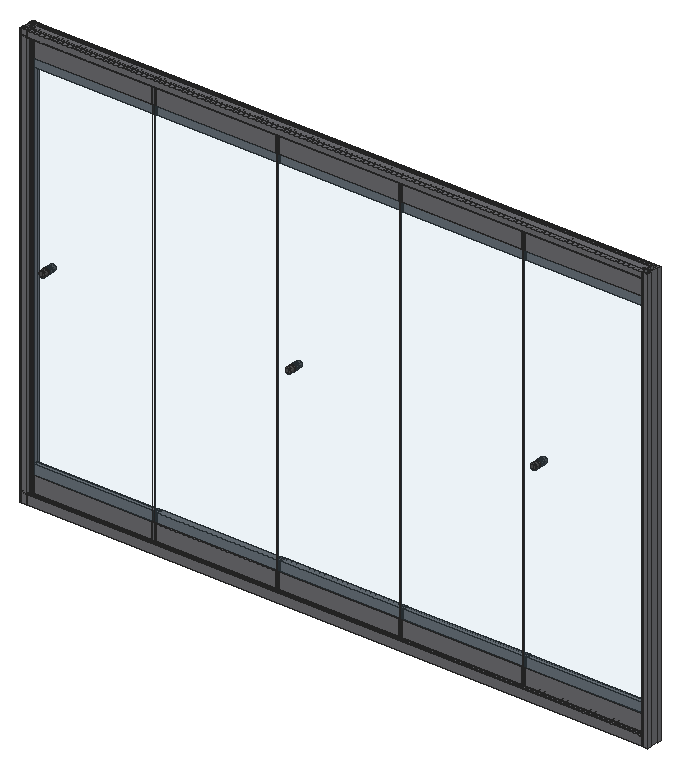
Revit family "QFL5 RH", category Doors, host Wall, Revit 2024
Family settings
  Host = Wall
  OmniClass Number = 23.30.10.00
  OmniClass Title = Doors
  Always vertical = Yes
  Cut with Voids When Loaded = No
  Shared = No
  Room Calculation Point = No
Parameters
  Function = Interior
  Frame Projection Ext. = 25 mm
  Frame Projection Int. = 25 mm
  Frame Width = 75 mm
  Height = 2098 mm
  Wall Closure = By host
  Width = 3100 mm
  Define Thermal Properties by = Schematic Type
  Analytic Construction = "<None>"
Reference planes
  plane 1: y = 0
  plane 2 "Center (Left/Right)": x = 0
  plane 3 "Left": x = -1550
  plane 4 "Right": x = 1550
  plane 5: z = 2098
  plane 6 "Exterior": y = 75
  plane 7 "Interior": y = -75
Forms (mm)
  Extrusion 1, solid, material "ALUMINIUM CHAR (TEST)"
    sketch origin (-0.37, 0, 0) x (1, 0, 0) y (0, 1, 0)
      loop
        line (1550.37, 37.5) -> (1520.37, 37.5) -> (1520.37, 34.4) -> (1521.37, 34.4) -> (1521.37, 35.9) -> (1522.87, 35.9) -> (1522.87, 28.3) -> (1521.37, 28.3) -> (1521.37, 29.8) -> (1520.37, 29.8) -> (1520.37, 1.2) -> (1521.37, 1.2) -> (1521.37, 2.7) -> (1522.87, 2.7) -> (1522.87, -4.9) -> (1521.37, -4.9) -> (1521.37, -3.4) -> (1520.37, -3.4) -> (1520.37, -13.1) -> (1516.37, -13.1) -> (1516.37, -11)
        arc (1516.37, -11) -> (1516.224, -10.646) -> (1515.87, -10.5) r 0.5
        line (1515.87, -10.5) -> (1513.12, -10.5) -> (1513.12, -11.5) -> (1514.72, -11.5) -> (1514.72, -13.1) -> (1507.02, -13.1) -> (1507.02, -11.5) -> (1508.62, -11.5) -> (1508.62, -10.5) -> (1505.87, -10.5)
        arc (1505.87, -10.5) -> (1505.517, -10.646) -> (1505.37, -11) r 0.5
        line (1505.37, -11) -> (1505.37, -14.4)
        arc (1505.37, -14.4) -> (1505.517, -14.754) -> (1505.87, -14.9) r 0.5
        line (1505.87, -14.9) -> (1520.37, -14.9) -> (1520.37, -37.5) -> (1550.37, -37.5) -> (1550.37, -22) -> (1548.87, -22) -> (1548.87, -24.5) -> (1545.87, -24.5) -> (1545.87, 24.5) -> (1548.87, 24.5) -> (1548.87, 22) -> (1550.37, 22) -> (1550.37, 37.5)
      loop
        line (1548.37, 26.3) -> (1548.37, 35.5) -> (1524.67, 35.5) -> (1524.67, 27.7)
        arc (1524.67, 27.7) -> (1524.377, 26.993) -> (1523.67, 26.7) r 1
        line (1523.67, 26.7) -> (1522.37, 26.7) -> (1522.37, 4.3) -> (1523.67, 4.3)
        arc (1523.67, 4.3) -> (1524.377, 4.007) -> (1524.67, 3.3) r 1
        line (1524.67, 3.3) -> (1524.67, -5.5)
        arc (1524.67, -5.5) -> (1524.377, -6.207) -> (1523.67, -6.5) r 1
        line (1523.67, -6.5) -> (1522.17, -6.5) -> (1522.17, -35.5) -> (1548.37, -35.5) -> (1548.37, -26.3) -> (1545.47, -26.3)
        arc (1545.47, -26.3) -> (1544.48, -25.89) -> (1544.07, -24.9) r 1.4
        line (1544.07, -24.9) -> (1544.07, 24.9)
        arc (1544.07, 24.9) -> (1544.48, 25.89) -> (1545.47, 26.3) r 1.4
        line (1545.47, 26.3) -> (1548.37, 26.3)
      loop
        line (-1549.63, 37.5) -> (-1549.63, 22) -> (-1548.13, 22) -> (-1548.13, 24.5) -> (-1545.13, 24.5) -> (-1545.13, -24.5) -> (-1548.13, -24.5) -> (-1548.13, -22) -> (-1549.63, -22) -> (-1549.63, -37.5) -> (-1519.63, -37.5) -> (-1519.63, -14.9) -> (-1505.13, -14.9)
        arc (-1505.13, -14.9) -> (-1504.776, -14.754) -> (-1504.63, -14.4) r 0.5
        line (-1504.63, -14.4) -> (-1504.63, -11)
        arc (-1504.63, -11) -> (-1504.776, -10.646) -> (-1505.13, -10.5) r 0.5
        line (-1505.13, -10.5) -> (-1507.88, -10.5) -> (-1507.88, -11.5) -> (-1506.28, -11.5) -> (-1506.28, -13.1) -> (-1513.98, -13.1) -> (-1513.98, -11.5) -> (-1512.38, -11.5) -> (-1512.38, -10.5) -> (-1515.13, -10.5)
        arc (-1515.13, -10.5) -> (-1515.483, -10.646) -> (-1515.63, -11) r 0.5
        line (-1515.63, -11) -> (-1515.63, -13.1) -> (-1519.63, -13.1) -> (-1519.63, -3.4) -> (-1520.63, -3.4) -> (-1520.63, -4.9) -> (-1522.13, -4.9) -> (-1522.13, 2.7) -> (-1520.63, 2.7) -> (-1520.63, 1.2) -> (-1519.63, 1.2) -> (-1519.63, 29.8) -> (-1520.63, 29.8) -> (-1520.63, 28.3) -> (-1522.13, 28.3) -> (-1522.13, 35.9) -> (-1520.63, 35.9) -> (-1520.63, 34.4) -> (-1519.63, 34.4) -> (-1519.63, 37.5) -> (-1549.63, 37.5)
      loop
        line (-1547.63, 26.3) -> (-1544.73, 26.3)
        arc (-1544.73, 26.3) -> (-1543.74, 25.89) -> (-1543.33, 24.9) r 1.4
        line (-1543.33, 24.9) -> (-1543.33, -24.9)
        arc (-1543.33, -24.9) -> (-1543.74, -25.89) -> (-1544.73, -26.3) r 1.4
        line (-1544.73, -26.3) -> (-1547.63, -26.3) -> (-1547.63, -35.5) -> (-1521.43, -35.5) -> (-1521.43, -6.5) -> (-1522.93, -6.5)
        arc (-1522.93, -6.5) -> (-1523.637, -6.207) -> (-1523.93, -5.5) r 1
        line (-1523.93, -5.5) -> (-1523.93, 3.3)
        arc (-1523.93, 3.3) -> (-1523.637, 4.007) -> (-1522.93, 4.3) r 1
        line (-1522.93, 4.3) -> (-1521.63, 4.3) -> (-1521.63, 26.7) -> (-1522.93, 26.7)
        arc (-1522.93, 26.7) -> (-1523.637, 26.993) -> (-1523.93, 27.7) r 1
        line (-1523.93, 27.7) -> (-1523.93, 35.5) -> (-1547.63, 35.5) -> (-1547.63, 26.3)
    from 0 to 2098
  Extrusion 2, solid, material "ALUMINIUM CHAR (TEST)"
    sketch origin (-943.37, 0, 0) x (0, -1, 0) y (0, 0, 1)
      loop
        line (-36.55, 18) -> (-36.55, 20.5) -> (-37.5, 20.5) -> (-37.5, 0) -> (-35.5, 0) -> (-35.5, 2) -> (-13.5, 2) -> (-13.5, 0) -> (-11.5, 0) -> (-11.5, 2) -> (10.5, 2) -> (10.5, 0) -> (12.5, 0) -> (12.5, 2) -> (35.5, 2) -> (35.5, 0) -> (37.5, 0) -> (37.5, 44.5)
        arc (37.5, 44.5) -> (37.354, 44.854) -> (37, 45) r 0.5
        line (37, 45) -> (32.199, 45) -> (31.492, 44.5) -> (26.524, 44.5) -> (25.817, 45) -> (22.199, 45) -> (21.492, 44.5) -> (16.524, 44.5) -> (15.817, 44.999) -> (11.001, 44.999)
        arc (11.001, 44.999) -> (10.648, 44.853) -> (10.502, 44.501) r 0.499
        line (10.502, 44.501) -> (10.502, 41.75) -> (11.5, 41.75) -> (11.5, 43.35) -> (13.1, 43.35) -> (13.1, 35.65) -> (11.5, 35.65) -> (11.5, 37.25) -> (10.5, 37.25) -> (10.5, 11.9)
        arc (10.5, 11.9) -> (10.061, 10.839) -> (9, 10.4) r 1.5
        line (9, 10.4) -> (3, 10.4)
        arc (3, 10.4) -> (1.939, 10.839) -> (1.5, 11.9) r 1.5
        line (1.5, 11.9) -> (1.5, 20)
        arc (1.5, 20) -> (0.851, 21.475) -> (-0.674, 21.992) r 2
        line (-0.674, 21.992) -> (-9.95, 20.504) -> (-9.95, 18) -> (-36.55, 18)
      loop
        line (10.5, 4.2) -> (10.5, 8.4) -> (3, 8.4)
        arc (3, 8.4) -> (0.525, 9.425) -> (-0.5, 11.9) r 3.5
        line (-0.5, 11.9) -> (-0.5, 20.057) -> (-7.95, 18.629) -> (-7.95, 16) -> (-35.5, 16) -> (-35.5, 4.2) -> (10.5, 4.2)
      loop
        line (12.5, 4.2) -> (35.5, 4.2) -> (35.5, 43) -> (15.1, 43) -> (15.1, 34) -> (12.5, 34) -> (12.5, 4.2)
      loop
        arc (-37.5, 2069) -> (-37.207, 2068.293) -> (-36.5, 2068) r 1
        line (-36.5, 2068) -> (-34.25, 2068) -> (-34.25, 2069) -> (-35.85, 2069) -> (-35.85, 2070.6) -> (-28.15, 2070.6) -> (-28.15, 2069) -> (-29.75, 2069) -> (-29.75, 2068) -> (-25.9, 2068)
        arc (-25.9, 2068) -> (-24.486, 2068.586) -> (-23.9, 2070) r 2
        line (-23.9, 2070) -> (-23.9, 2091.2)
        arc (-23.9, 2091.2) -> (-23.754, 2091.554) -> (-23.4, 2091.7) r 0.5
        line (-23.4, 2091.7) -> (-6.85, 2091.7) -> (-6.85, 2070)
        arc (-6.85, 2070) -> (-6.264, 2068.586) -> (-4.85, 2068) r 2
        line (-4.85, 2068) -> (13.1, 2068) -> (13.1, 2064) -> (11, 2064)
        arc (11, 2064) -> (10.646, 2063.854) -> (10.5, 2063.5) r 0.5
        line (10.5, 2063.5) -> (10.5, 2060.75) -> (11.5, 2060.75) -> (11.5, 2062.35) -> (13.1, 2062.35) -> (13.1, 2054.65) -> (11.5, 2054.65) -> (11.5, 2056.25) -> (10.5, 2056.25) -> (10.5, 2053.5)
        arc (10.5, 2053.5) -> (10.646, 2053.146) -> (11, 2053) r 0.5
        line (11, 2053) -> (14.4, 2053)
        arc (14.4, 2053) -> (14.754, 2053.146) -> (14.9, 2053.5) r 0.5
        line (14.9, 2053.5) -> (14.9, 2068) -> (36.5, 2068)
        arc (36.5, 2068) -> (37.207, 2068.293) -> (37.5, 2069) r 1
        line (37.5, 2069) -> (37.5, 2098) -> (22, 2098) -> (22, 2096.5) -> (24.5, 2096.5) -> (24.5, 2093.5) -> (-24.5, 2093.5) -> (-24.5, 2096.5) -> (-22, 2096.5) -> (-22, 2098) -> (-25.4, 2098)
        arc (-25.4, 2098) -> (-26.107, 2097.707) -> (-26.4, 2097) r 1
        line (-26.4, 2097) -> (-26.4, 2085.5)
        arc (-26.4, 2085.5) -> (-26.546, 2085.146) -> (-26.9, 2085) r 0.5
        line (-26.9, 2085) -> (-35, 2085)
        arc (-35, 2085) -> (-35.354, 2085.146) -> (-35.5, 2085.5) r 0.5
        line (-35.5, 2085.5) -> (-35.5, 2095.5)
        arc (-35.5, 2095.5) -> (-35.354, 2095.854) -> (-35, 2096) r 0.5
        line (-35, 2096) -> (-33.5, 2096) -> (-33.5, 2098) -> (-36.5, 2098)
        arc (-36.5, 2098) -> (-37.207, 2097.707) -> (-37.5, 2097) r 1
        line (-37.5, 2097) -> (-37.5, 2069)
      loop
        line (35.5, 2070) -> (35.5, 2096) -> (26.3, 2096) -> (26.3, 2093.1)
        arc (26.3, 2093.1) -> (25.89, 2092.11) -> (24.9, 2091.7) r 1.4
        line (24.9, 2091.7) -> (-4.85, 2091.7) -> (-4.85, 2070.5)
        arc (-4.85, 2070.5) -> (-4.704, 2070.146) -> (-4.35, 2070) r 0.5
        line (-4.35, 2070) -> (35.5, 2070)
      loop
        line (-26.4, 2072.2) -> (-26.4, 2082.5)
        arc (-26.4, 2082.5) -> (-26.546, 2082.854) -> (-26.9, 2083) r 0.5
        line (-26.9, 2083) -> (-35, 2083)
        arc (-35, 2083) -> (-35.354, 2082.854) -> (-35.5, 2082.5) r 0.5
        line (-35.5, 2082.5) -> (-35.5, 2072.2) -> (-26.4, 2072.2)
    from -2463.37 to 606.63
  Extrusion 3, solid, material "ALUMINIUM CHAR (TEST)"
    sketch origin (-313.5, 0, 0) x (0, -1, 0) y (0, 0, 1)
      loop
        line (10.504, 2059) -> (8.704, 2059) -> (8.704, 2057) -> (5.604, 2057) -> (5.604, 2055.4) -> (8.754, 2055.4) -> (8.754, 2043.033) -> (8.2, 2041.985) -> (8.2, 2039) -> (-31.196, 2039) -> (-31.196, 2041.92) -> (-31.705, 2042.883) -> (-31.705, 2055.4) -> (-28.596, 2055.4) -> (-28.596, 2057) -> (-31.696, 2057) -> (-31.696, 2059) -> (-33.496, 2059) -> (-33.496, 1934) -> (-23.496, 1924) -> (2.504, 1924) -> (2.504, 1969) -> (10.504, 1969) -> (10.504, 2059)
      loop
        line (8.714, 1971) -> (8.714, 2037.2) -> (-31.705, 2037.2) -> (-31.705, 1935.038) -> (-22.467, 1925.8) -> (0.504, 1925.8) -> (0.504, 1971) -> (8.714, 1971)
      loop
        line (10.504, 31) -> (10.504, 121) -> (2.504, 121) -> (2.504, 166) -> (-23.496, 166) -> (-33.496, 156) -> (-33.496, 31) -> (-31.696, 31) -> (-31.696, 33) -> (-28.596, 33) -> (-28.596, 34.6) -> (-31.705, 34.6) -> (-31.705, 47.117) -> (-31.196, 48.08) -> (-31.196, 51) -> (8.2, 51) -> (8.2, 48.015) -> (8.754, 46.967) -> (8.754, 34.6) -> (5.604, 34.6) -> (5.604, 33) -> (8.704, 33) -> (8.704, 31) -> (10.504, 31)
      loop
        line (8.714, 119) -> (0.504, 119) -> (0.504, 164.2) -> (-22.467, 164.2) -> (-31.705, 154.962) -> (-31.705, 52.8) -> (8.714, 52.8) -> (8.714, 119)
    from -1 to 589
  Extrusion 4, solid, material "Glass"
    sketch origin (-947.5, 0, 0) x (0, -1, 0) y (0, 0, 1)
      loop
        line (2.504, 121) -> (10.504, 121) -> (10.504, 1969) -> (2.504, 1969) -> (2.504, 121)
    from -640 to -40
  Extrusion 5, solid, material "ALUMINIUM CHAR (TEST)"
    sketch origin (-312.5, 0, 0) x (0, -1, 0) y (0, 0, -1)
      loop
        line (-33.496, -156) -> (-23.496, -166) -> (2.504, -166) -> (2.504, -121) -> (10.504, -121) -> (10.504, -31) -> (5.604, -31) -> (5.604, -51) -> (-28.596, -51) -> (-28.596, -31) -> (-33.496, -31) -> (-33.496, -156)
      loop
        line (-33.496, -2059) -> (-28.596, -2059) -> (-28.596, -2039) -> (5.604, -2039) -> (5.604, -2059) -> (10.504, -2059) -> (10.504, -1969) -> (2.504, -1969) -> (2.504, -1924) -> (-23.496, -1924) -> (-33.496, -1934) -> (-33.496, -2059)
    from 0 to 5
  Extrusion 6, solid, material "ALUMINIUM CHAR (TEST)"
    sketch origin (-902.5, 0, 0) x (0, -1, 0) y (0, 0, 1)
      loop
        line (-33.496, 156) -> (-33.496, 31) -> (-28.596, 31) -> (-28.596, 51) -> (5.604, 51) -> (5.604, 31) -> (10.504, 31) -> (10.504, 121) -> (2.504, 121) -> (2.504, 166) -> (-23.496, 166) -> (-33.496, 156)
      loop
        line (-33.496, 2059) -> (-33.496, 1934) -> (-23.496, 1924) -> (2.504, 1924) -> (2.504, 1969) -> (10.504, 1969) -> (10.504, 2059) -> (5.604, 2059) -> (5.604, 2039) -> (-28.596, 2039) -> (-28.596, 2059) -> (-33.496, 2059)
    from 0 to 5
  Extrusion 7, solid, material "ALUMINIUM CHAR (TEST)"
    sketch origin (294, 0, 0) x (0, -1, 0) y (0, 0, 1)
      loop
        line (10.504, 2059) -> (8.704, 2059) -> (8.704, 2057) -> (5.604, 2057) -> (5.604, 2055.4) -> (8.754, 2055.4) -> (8.754, 2043.033) -> (8.2, 2041.985) -> (8.2, 2039) -> (-31.196, 2039) -> (-31.196, 2041.92) -> (-31.705, 2042.883) -> (-31.705, 2055.4) -> (-28.596, 2055.4) -> (-28.596, 2057) -> (-31.696, 2057) -> (-31.696, 2059) -> (-33.496, 2059) -> (-33.496, 1934) -> (-23.496, 1924) -> (2.504, 1924) -> (2.504, 1969) -> (10.504, 1969) -> (10.504, 2059)
      loop
        line (8.714, 1971) -> (8.714, 2037.2) -> (-31.705, 2037.2) -> (-31.705, 1935.038) -> (-22.467, 1925.8) -> (0.504, 1925.8) -> (0.504, 1971) -> (8.714, 1971)
      loop
        line (10.504, 31) -> (10.504, 121) -> (2.504, 121) -> (2.504, 166) -> (-23.496, 166) -> (-33.496, 156) -> (-33.496, 31) -> (-31.696, 31) -> (-31.696, 33) -> (-28.596, 33) -> (-28.596, 34.6) -> (-31.705, 34.6) -> (-31.705, 47.117) -> (-31.196, 48.08) -> (-31.196, 51) -> (8.2, 51) -> (8.2, 48.015) -> (8.754, 46.967) -> (8.754, 34.6) -> (5.604, 34.6) -> (5.604, 33) -> (8.704, 33) -> (8.704, 31) -> (10.504, 31)
      loop
        line (8.714, 119) -> (0.504, 119) -> (0.504, 164.2) -> (-22.467, 164.2) -> (-31.705, 154.962) -> (-31.705, 52.8) -> (8.714, 52.8) -> (8.714, 119)
    from -1 to 589
  Extrusion 8, solid, material "Glass"
    sketch origin (-340, 0, 0) x (0, -1, 0) y (0, 0, 1)
      loop
        line (2.504, 121) -> (10.504, 121) -> (10.504, 1969) -> (2.504, 1969) -> (2.504, 121)
    from -640 to -40
  Extrusion 9, solid, material "ALUMINIUM CHAR (TEST)"
    sketch origin (295, 0, 0) x (0, -1, 0) y (0, 0, -1)
      loop
        line (-33.496, -156) -> (-23.496, -166) -> (2.504, -166) -> (2.504, -121) -> (10.504, -121) -> (10.504, -31) -> (5.604, -31) -> (5.604, -51) -> (-28.596, -51) -> (-28.596, -31) -> (-33.496, -31) -> (-33.496, -156)
      loop
        line (-33.496, -2059) -> (-28.596, -2059) -> (-28.596, -2039) -> (5.604, -2039) -> (5.604, -2059) -> (10.504, -2059) -> (10.504, -1969) -> (2.504, -1969) -> (2.504, -1924) -> (-23.496, -1924) -> (-33.496, -1934) -> (-33.496, -2059)
    from 0 to 5
  Extrusion 10, solid, material "ALUMINIUM CHAR (TEST)"
    sketch origin (-295, 0, 0) x (0, -1, 0) y (0, 0, 1)
      loop
        line (-33.496, 156) -> (-33.496, 31) -> (-28.596, 31) -> (-28.596, 51) -> (5.604, 51) -> (5.604, 31) -> (10.504, 31) -> (10.504, 121) -> (2.504, 121) -> (2.504, 166) -> (-23.496, 166) -> (-33.496, 156)
      loop
        line (-33.496, 2059) -> (-33.496, 1934) -> (-23.496, 1924) -> (2.504, 1924) -> (2.504, 1969) -> (10.504, 1969) -> (10.504, 2059) -> (5.604, 2059) -> (5.604, 2039) -> (-28.596, 2039) -> (-28.596, 2059) -> (-33.496, 2059)
    from 0 to 5
  Extrusion 11, solid, material "ALUMINIUM CHAR (TEST)"
    sketch origin (901.5, 0, 0) x (0, -1, 0) y (0, 0, 1)
      loop
        line (10.504, 2059) -> (8.704, 2059) -> (8.704, 2057) -> (5.604, 2057) -> (5.604, 2055.4) -> (8.754, 2055.4) -> (8.754, 2043.033) -> (8.2, 2041.985) -> (8.2, 2039) -> (-31.196, 2039) -> (-31.196, 2041.92) -> (-31.705, 2042.883) -> (-31.705, 2055.4) -> (-28.596, 2055.4) -> (-28.596, 2057) -> (-31.696, 2057) -> (-31.696, 2059) -> (-33.496, 2059) -> (-33.496, 1934) -> (-23.496, 1924) -> (2.504, 1924) -> (2.504, 1969) -> (10.504, 1969) -> (10.504, 2059)
      loop
        line (8.714, 1971) -> (8.714, 2037.2) -> (-31.705, 2037.2) -> (-31.705, 1935.038) -> (-22.467, 1925.8) -> (0.504, 1925.8) -> (0.504, 1971) -> (8.714, 1971)
      loop
        line (10.504, 31) -> (10.504, 121) -> (2.504, 121) -> (2.504, 166) -> (-23.496, 166) -> (-33.496, 156) -> (-33.496, 31) -> (-31.696, 31) -> (-31.696, 33) -> (-28.596, 33) -> (-28.596, 34.6) -> (-31.705, 34.6) -> (-31.705, 47.117) -> (-31.196, 48.08) -> (-31.196, 51) -> (8.2, 51) -> (8.2, 48.015) -> (8.754, 46.967) -> (8.754, 34.6) -> (5.604, 34.6) -> (5.604, 33) -> (8.704, 33) -> (8.704, 31) -> (10.504, 31)
      loop
        line (8.714, 119) -> (0.504, 119) -> (0.504, 164.2) -> (-22.467, 164.2) -> (-31.705, 154.962) -> (-31.705, 52.8) -> (8.714, 52.8) -> (8.714, 119)
    from -1 to 589
  Extrusion 12, solid, material "Glass"
    sketch origin (267.5, 0, 0) x (0, -1, 0) y (0, 0, 1)
      loop
        line (2.504, 121) -> (10.504, 121) -> (10.504, 1969) -> (2.504, 1969) -> (2.504, 121)
    from -640 to -40
  Extrusion 13, solid, material "ALUMINIUM CHAR (TEST)"
    sketch origin (902.5, 0, 0) x (0, -1, 0) y (0, 0, -1)
      loop
        line (-33.496, -156) -> (-23.496, -166) -> (2.504, -166) -> (2.504, -121) -> (10.504, -121) -> (10.504, -31) -> (5.604, -31) -> (5.604, -51) -> (-28.596, -51) -> (-28.596, -31) -> (-33.496, -31) -> (-33.496, -156)
      loop
        line (-33.496, -2059) -> (-28.596, -2059) -> (-28.596, -2039) -> (5.604, -2039) -> (5.604, -2059) -> (10.504, -2059) -> (10.504, -1969) -> (2.504, -1969) -> (2.504, -1924) -> (-23.496, -1924) -> (-33.496, -1934) -> (-33.496, -2059)
    from 0 to 5
  Extrusion 14, solid, material "ALUMINIUM CHAR (TEST)"
    sketch origin (312.5, 0, 0) x (0, -1, 0) y (0, 0, 1)
      loop
        line (-33.496, 156) -> (-33.496, 31) -> (-28.596, 31) -> (-28.596, 51) -> (5.604, 51) -> (5.604, 31) -> (10.504, 31) -> (10.504, 121) -> (2.504, 121) -> (2.504, 166) -> (-23.496, 166) -> (-33.496, 156)
      loop
        line (-33.496, 2059) -> (-33.496, 1934) -> (-23.496, 1924) -> (2.504, 1924) -> (2.504, 1969) -> (10.504, 1969) -> (10.504, 2059) -> (5.604, 2059) -> (5.604, 2039) -> (-28.596, 2039) -> (-28.596, 2059) -> (-33.496, 2059)
    from 0 to 5
  Extrusion 15, solid, material "ALUMINIUM CHAR (TEST)"
    sketch origin (1509, 0, 0) x (0, -1, 0) y (0, 0, 1)
      loop
        line (10.504, 2059) -> (8.704, 2059) -> (8.704, 2057) -> (5.604, 2057) -> (5.604, 2055.4) -> (8.754, 2055.4) -> (8.754, 2043.033) -> (8.2, 2041.985) -> (8.2, 2039) -> (-31.196, 2039) -> (-31.196, 2041.92) -> (-31.705, 2042.883) -> (-31.705, 2055.4) -> (-28.596, 2055.4) -> (-28.596, 2057) -> (-31.696, 2057) -> (-31.696, 2059) -> (-33.496, 2059) -> (-33.496, 1934) -> (-23.496, 1924) -> (2.504, 1924) -> (2.504, 1969) -> (10.504, 1969) -> (10.504, 2059)
      loop
        line (8.714, 1971) -> (8.714, 2037.2) -> (-31.705, 2037.2) -> (-31.705, 1935.038) -> (-22.467, 1925.8) -> (0.504, 1925.8) -> (0.504, 1971) -> (8.714, 1971)
      loop
        line (10.504, 31) -> (10.504, 121) -> (2.504, 121) -> (2.504, 166) -> (-23.496, 166) -> (-33.496, 156) -> (-33.496, 31) -> (-31.696, 31) -> (-31.696, 33) -> (-28.596, 33) -> (-28.596, 34.6) -> (-31.705, 34.6) -> (-31.705, 47.117) -> (-31.196, 48.08) -> (-31.196, 51) -> (8.2, 51) -> (8.2, 48.015) -> (8.754, 46.967) -> (8.754, 34.6) -> (5.604, 34.6) -> (5.604, 33) -> (8.704, 33) -> (8.704, 31) -> (10.504, 31)
      loop
        line (8.714, 119) -> (0.504, 119) -> (0.504, 164.2) -> (-22.467, 164.2) -> (-31.705, 154.962) -> (-31.705, 52.8) -> (8.714, 52.8) -> (8.714, 119)
    from -1 to 589
  Extrusion 16, solid, material "Glass"
    sketch origin (875, 0, 0) x (0, -1, 0) y (0, 0, 1)
      loop
        line (2.504, 121) -> (10.504, 121) -> (10.504, 1969) -> (2.504, 1969) -> (2.504, 121)
    from -640 to -40
  Extrusion 17, solid, material "ALUMINIUM CHAR (TEST)"
    sketch origin (1510, 0, 0) x (0, -1, 0) y (0, 0, -1)
      loop
        line (-33.496, -156) -> (-23.496, -166) -> (2.504, -166) -> (2.504, -121) -> (10.504, -121) -> (10.504, -31) -> (5.604, -31) -> (5.604, -51) -> (-28.596, -51) -> (-28.596, -31) -> (-33.496, -31) -> (-33.496, -156)
      loop
        line (-33.496, -2059) -> (-28.596, -2059) -> (-28.596, -2039) -> (5.604, -2039) -> (5.604, -2059) -> (10.504, -2059) -> (10.504, -1969) -> (2.504, -1969) -> (2.504, -1924) -> (-23.496, -1924) -> (-33.496, -1934) -> (-33.496, -2059)
    from 0 to 5
  Extrusion 18, solid, material "ALUMINIUM CHAR (TEST)"
    sketch origin (920, 0, 0) x (0, -1, 0) y (0, 0, 1)
      loop
        line (-33.496, 156) -> (-33.496, 31) -> (-28.596, 31) -> (-28.596, 51) -> (5.604, 51) -> (5.604, 31) -> (10.504, 31) -> (10.504, 121) -> (2.504, 121) -> (2.504, 166) -> (-23.496, 166) -> (-33.496, 156)
      loop
        line (-33.496, 2059) -> (-33.496, 1934) -> (-23.496, 1924) -> (2.504, 1924) -> (2.504, 1969) -> (10.504, 1969) -> (10.504, 2059) -> (5.604, 2059) -> (5.604, 2039) -> (-28.596, 2039) -> (-28.596, 2059) -> (-33.496, 2059)
    from 0 to 5
  Extrusion 19, solid, material "ALUMINIUM CHAR (TEST)"
    sketch origin (-921, 0, 0) x (0, -1, 0) y (0, 0, 1)
      loop
        line (10.504, 2059) -> (8.704, 2059) -> (8.704, 2057) -> (5.604, 2057) -> (5.604, 2055.4) -> (8.754, 2055.4) -> (8.754, 2043.033) -> (8.2, 2041.985) -> (8.2, 2039) -> (-31.196, 2039) -> (-31.196, 2041.92) -> (-31.705, 2042.883) -> (-31.705, 2055.4) -> (-28.596, 2055.4) -> (-28.596, 2057) -> (-31.696, 2057) -> (-31.696, 2059) -> (-33.496, 2059) -> (-33.496, 1934) -> (-23.496, 1924) -> (2.504, 1924) -> (2.504, 1969) -> (10.504, 1969) -> (10.504, 2059)
      loop
        line (8.714, 1971) -> (8.714, 2037.2) -> (-31.705, 2037.2) -> (-31.705, 1935.038) -> (-22.467, 1925.8) -> (0.504, 1925.8) -> (0.504, 1971) -> (8.714, 1971)
      loop
        line (10.504, 31) -> (10.504, 121) -> (2.504, 121) -> (2.504, 166) -> (-23.496, 166) -> (-33.496, 156) -> (-33.496, 31) -> (-31.696, 31) -> (-31.696, 33) -> (-28.596, 33) -> (-28.596, 34.6) -> (-31.705, 34.6) -> (-31.705, 47.117) -> (-31.196, 48.08) -> (-31.196, 51) -> (8.2, 51) -> (8.2, 48.015) -> (8.754, 46.967) -> (8.754, 34.6) -> (5.604, 34.6) -> (5.604, 33) -> (8.704, 33) -> (8.704, 31) -> (10.504, 31)
      loop
        line (8.714, 119) -> (0.504, 119) -> (0.504, 164.2) -> (-22.467, 164.2) -> (-31.705, 154.962) -> (-31.705, 52.8) -> (8.714, 52.8) -> (8.714, 119)
    from -1 to 589
  Extrusion 20, solid, material "Glass"
    sketch origin (-1555, 0, 0) x (0, -1, 0) y (0, 0, 1)
      loop
        line (2.504, 121) -> (10.504, 121) -> (10.504, 1969) -> (2.504, 1969) -> (2.504, 121)
    from -640 to -40
  Extrusion 21, solid, material "ALUMINIUM CHAR (TEST)"
    sketch origin (-920, 0, 0) x (0, -1, 0) y (0, 0, -1)
      loop
        line (-33.496, -156) -> (-23.496, -166) -> (2.504, -166) -> (2.504, -121) -> (10.504, -121) -> (10.504, -31) -> (5.604, -31) -> (5.604, -51) -> (-28.596, -51) -> (-28.596, -31) -> (-33.496, -31) -> (-33.496, -156)
      loop
        line (-33.496, -2059) -> (-28.596, -2059) -> (-28.596, -2039) -> (5.604, -2039) -> (5.604, -2059) -> (10.504, -2059) -> (10.504, -1969) -> (2.504, -1969) -> (2.504, -1924) -> (-23.496, -1924) -> (-33.496, -1934) -> (-33.496, -2059)
    from 0 to 5
  Extrusion 22, solid, material "ALUMINIUM CHAR (TEST)"
    sketch origin (-1510, 0, 0) x (0, -1, 0) y (0, 0, 1)
      loop
        line (-33.496, 156) -> (-33.496, 31) -> (-28.596, 31) -> (-28.596, 51) -> (5.604, 51) -> (5.604, 31) -> (10.504, 31) -> (10.504, 121) -> (2.504, 121) -> (2.504, 166) -> (-23.496, 166) -> (-33.496, 156)
      loop
        line (-33.496, 2059) -> (-33.496, 1934) -> (-23.496, 1924) -> (2.504, 1924) -> (2.504, 1969) -> (10.504, 1969) -> (10.504, 2059) -> (5.604, 2059) -> (5.604, 2039) -> (-28.596, 2039) -> (-28.596, 2059) -> (-33.496, 2059)
    from 0 to 5
  Revolve 23, solid, material "Metal, Powder Coated, Black"
    sketch origin (-1440, 140.744, 18.323) x (0, -1, 0) y (0, 0, -1)
      loop
        line (151.249, -1029.677) -> (151.249, -1044.677) -> (154.249, -1044.677) -> (159.249, -1039.677) -> (164.249, -1044.677) -> (180.249, -1044.677) -> (181.249, -1043.677) -> (181.249, -1029.677) -> (151.249, -1029.677)
      axis (181.249, -1029.677) -> (151.249, -1029.677)
    angle from 0 to 360
  Revolve 24, solid, material "Metal, Powder Coated, Black"
    sketch origin (-225, 140.744, 18.323) x (0, -1, 0) y (0, 0, -1)
      loop
        line (151.249, -1029.677) -> (151.249, -1044.677) -> (154.249, -1044.677) -> (159.249, -1039.677) -> (164.249, -1044.677) -> (180.249, -1044.677) -> (181.249, -1043.677) -> (181.249, -1029.677) -> (151.249, -1029.677)
      axis (181.249, -1029.677) -> (151.249, -1029.677)
    angle from 0 to 360
  Revolve 25, solid, material "Metal, Powder Coated, Black"
    sketch origin (985, 140.744, 18.323) x (0, -1, 0) y (0, 0, -1)
      loop
        line (151.249, -1029.677) -> (151.249, -1044.677) -> (154.249, -1044.677) -> (159.249, -1039.677) -> (164.249, -1044.677) -> (180.249, -1044.677) -> (181.249, -1043.677) -> (181.249, -1029.677) -> (151.249, -1029.677)
      axis (181.249, -1029.677) -> (151.249, -1029.677)
    angle from 0 to 360
  Revolve 26, solid, material "Metal, Powder Coated, Black"
    sketch origin (-1440, -153.753, 311.459) x (0, 1, 0) y (0, 0, 1)
      loop
        line (151.249, 736.677) -> (181.249, 736.677) -> (181.249, 750.677) -> (180.249, 751.677) -> (164.249, 751.677) -> (159.249, 746.677) -> (154.249, 751.677) -> (151.249, 751.677) -> (151.249, 736.677)
      axis (181.249, 736.677) -> (151.249, 736.677)
    angle from 0 to 360
  Revolve 27, solid, material "Metal, Powder Coated, Black"
    sketch origin (-225, -153.753, 311.459) x (0, 1, 0) y (0, 0, 1)
      loop
        line (151.249, 736.677) -> (181.249, 736.677) -> (181.249, 750.677) -> (180.249, 751.677) -> (164.249, 751.677) -> (159.249, 746.677) -> (154.249, 751.677) -> (151.249, 751.677) -> (151.249, 736.677)
      axis (181.249, 736.677) -> (151.249, 736.677)
    angle from 0 to 360
  Revolve 28, solid, material "Metal, Powder Coated, Black"
    sketch origin (985, -153.753, 311.459) x (0, 1, 0) y (0, 0, 1)
      loop
        line (151.249, 736.677) -> (181.249, 736.677) -> (181.249, 750.677) -> (180.249, 751.677) -> (164.249, 751.677) -> (159.249, 746.677) -> (154.249, 751.677) -> (151.249, 751.677) -> (151.249, 736.677)
      axis (181.249, 736.677) -> (151.249, 736.677)
    angle from 0 to 360
Lines and regions (mm)
  Opening 1
    outline origin (-3050, -75, 0) x (1, 0, 0) y (0, 0, 1)
      loop
        line (1500, 0) -> (4600, 0) -> (4600, 2098) -> (1500, 2098) -> (1500, 0)
  model lines
    curve 1: line (-779.198, 75, 1049) -> (-604.198, 75, 1049)
    curve 2: line (-465.121, 75, 1049) -> (-604.198, 75, 1105.191)
    curve 3: line (-604.198, 75, 1105.191) -> (-604.198, 75, 992.809)
    curve 4: line (-465.121, 75, 1049) -> (-604.198, 75, 992.809)
    curve 5: line (-174.198, 75, 1049) -> (0.802, 75, 1049)
    curve 6: line (139.879, 75, 1049) -> (0.802, 75, 1105.191)
    curve 7: line (0.802, 75, 1105.191) -> (0.802, 75, 992.809)
    curve 8: line (139.879, 75, 1049) -> (0.802, 75, 992.809)
    curve 9: line (1025.802, 75, 1049) -> (1200.802, 75, 1049)
    curve 10: line (1339.879, 75, 1049) -> (1200.802, 75, 1105.191)
    curve 11: line (1200.802, 75, 1105.191) -> (1200.802, 75, 992.809)
    curve 12: line (1339.879, 75, 1049) -> (1200.802, 75, 992.809)
    curve 13: line (433.302, 75, 1049) -> (608.302, 75, 1049)
    curve 14: line (747.379, 75, 1049) -> (608.302, 75, 1105.191)
    curve 15: line (608.302, 75, 1105.191) -> (608.302, 75, 992.809)
    curve 16: line (747.379, 75, 1049) -> (608.302, 75, 992.809)
    curve 17: line (-1386.698, 75, 1049) -> (-1211.698, 75, 1049)
    curve 18: line (-1072.621, 75, 1049) -> (-1211.698, 75, 1105.191)
    curve 19: line (-1211.698, 75, 1105.191) -> (-1211.698, 75, 992.809)
    curve 20: line (-1072.621, 75, 1049) -> (-1211.698, 75, 992.809)
    curve 21: line (1525.39, 59.5, 0) -> (1253.105, 531.111, 0)
    curve 22: line (1487.285, 37.5, 0) -> (1215, 509.111, 0)
    curve 23: line (1215, 509.111, 0) -> (942.715, 37.5, 0)
    curve 24: line (1176.895, 531.111, 0) -> (904.61, 59.5, 0)
    curve 25: line (1215, 509.111, 0) -> (1253.105, 531.111, 0)
    curve 26: line (1215, 509.111, 0) -> (1176.895, 531.111, 0)
    curve 27: line (1487.285, 37.5, 0) -> (1525.39, 59.5, 0)
    curve 28: line (942.715, 37.5, 0) -> (904.61, 59.5, 0)
    curve 29: line (594.22, 509.111, 0) -> (866.505, 37.5, 0)
    curve 30: line (632.326, 531.111, 0) -> (904.61, 59.5, 0)
    curve 31: line (594.22, 509.111, 0) -> (632.326, 531.111, 0)
    curve 32: line (866.505, 37.5, 0) -> (904.61, 59.5, 0)
    curve 33: line (-26.559, 509.111, 0) -> (245.726, 37.5, 0)
    curve 34: line (11.546, 531.111, 0) -> (283.831, 59.5, 0)
    curve 35: line (-26.559, 509.111, 0) -> (11.546, 531.111, 0)
    curve 36: line (245.726, 37.5, 0) -> (283.831, 59.5, 0)
    curve 37: line (594.22, 509.111, 0) -> (321.936, 37.5, 0)
    curve 38: line (556.115, 531.111, 0) -> (283.831, 59.5, 0)
    curve 39: line (594.22, 509.111, 0) -> (556.115, 531.111, 0)
    curve 40: line (321.936, 37.5, 0) -> (283.831, 59.5, 0)
Text (mm)
  text "Exterior" at (-2295.016, 1099.543, 0), in view "Ref. Level"
  text "Exterior" at (0, 1615.38, 3698.081), in view "Left"
  text "Exterior" at (0, 1036.032, 3874.932), in view "Right"
Dimensions and locks
  equal spacing: plane 3 "Left", plane 2 "Center (Left/Right)", plane 4 "Right"
  "Width": plane 3 "Left" to plane 4 "Right"
  "Height": plane 5 to host wall
  host wall to plane 5 = 2098 mm  (x2)
  locked: plane 6 "Exterior" to host wall
  locked: plane 7 "Interior" to host wall
  plane 3 "Left" to plane 4 "Right" = 3100 mm
  aligned and locked: plane 3 "Left" to Opening 1 sketch curve
  aligned and locked: plane 5 to Opening 1 sketch curve  (x2)
  aligned and locked: Opening 1 sketch curve to plane 4 "Right"
  aligned and locked: Opening 1 sketch curve to level
  aligned and locked: plane 1 to host wall
Automatic sketch dimensions
  curve 19 to plane 3 "Left" = 338.302 mm
  curve 17 to curve 18 = 139.078 mm
  curve 18 to curve 3 = 468.422 mm
  curve 1 to curve 2 = 139.078 mm
  plane 2 "Center (Left/Right)" to curve 7 = 0.802 mm
  curve 5 to curve 8 = 139.078 mm
  curve 6 to curve 16 = 468.422 mm
  curve 13 to curve 14 = 139.078 mm
  plane 4 "Right" to curve 12 = 349.198 mm
  curve 9 to curve 12 = 139.078 mm
  level to curve 20 = 992.809 mm
  level to curve 16 = 992.809 mm
  curve 12 to curve 15 = 0 mm
  curve 3 to curve 19 = 0 mm
  curve 8 to curve 3 = 0 mm
  curve 7 to curve 6 = 56.191 mm
  curve 19 to curve 18 = 56.191 mm
  curve 3 to curve 4 = 56.191 mm
  curve 11 to curve 10 = 56.191 mm
  curve 15 to curve 14 = 56.191 mm
  curve 15 to curve 15 = 112.382 mm
  curve 11 to curve 10 = 112.382 mm
  curve 7 to curve 7 = 112.382 mm
  curve 19 to curve 18 = 112.382 mm
  curve 3 to curve 3 = 112.382 mm
  curve 17 to plane 3 "Left" = 163.302 mm
  curve 1 to curve 1 = 175 mm
  curve 5 to plane 2 "Center (Left/Right)" = 174.198 mm
  curve 13 to curve 13 = 175 mm
  curve 9 to curve 9 = 175 mm
  curve 17 to curve 18 = 56.191 mm
  curve 5 to curve 6 = 56.191 mm
  curve 11 to curve 9 = 56.191 mm
  curve 1 to curve 2 = 56.191 mm
  curve 13 to curve 14 = 56.191 mm
  Extrusion 1 sketch curve to plane 3 "Left" = 0 mm  (x2)
  Extrusion 1 sketch curve to plane 4 "Right" = 0 mm  (x2)
  Extrusion 1 sketch curve to plane 3 "Left" = 1.5 mm
  Extrusion 1 sketch curve to Extrusion 1 sketch curve = 1.5 mm  (x14)
  Extrusion 1 sketch curve to Extrusion 1 sketch curve = 0.5 mm  (x9)
  Extrusion 1 sketch curve to plane 3 "Left" = 2 mm
  Extrusion 1 sketch curve to Extrusion 1 sketch curve = 3 mm
  Extrusion 1 sketch curve to Extrusion 1 sketch curve = 0.4 mm  (x7)
  Extrusion 1 sketch curve to Extrusion 1 sketch curve = 1.4 mm  (x3)
  Extrusion 1 sketch curve to Extrusion 1 sketch curve = 19.4 mm
  Extrusion 1 sketch curve to host wall = 3.3 mm
  Extrusion 1 sketch curve to Extrusion 1 sketch curve = 0 mm  (x3)
  Extrusion 1 sketch curve to Extrusion 1 sketch curve = 1 mm  (x13)
  Extrusion 1 sketch curve to Extrusion 1 sketch curve = 0.8 mm  (x3)
  Extrusion 1 sketch curve to Extrusion 1 sketch curve = 1.3 mm  (x4)
  Extrusion 1 sketch curve to Extrusion 1 sketch curve = 21.9 mm
  Extrusion 1 sketch curve to Extrusion 1 sketch curve = 1.8 mm  (x6)
  Extrusion 1 sketch curve to Extrusion 1 sketch curve = 4 mm  (x2)
  Extrusion 1 sketch curve to Extrusion 1 sketch curve = 1.15 mm  (x5)
  Extrusion 1 sketch curve to Extrusion 1 sketch curve = 1.6 mm  (x10)
  Extrusion 1 sketch curve to Extrusion 1 sketch curve = 4.5 mm  (x3)
  host wall to Extrusion 1 sketch curve = 14.4 mm
  plane 4 "Right" to Extrusion 1 sketch curve = 45 mm
  Extrusion 1 sketch curve to Extrusion 1 sketch curve = 1.65 mm
  plane 4 "Right" to Extrusion 1 sketch curve = 30 mm
  Extrusion 1 sketch curve to host wall = 1.2 mm  (x2)
  plane 4 "Right" to Extrusion 1 sketch curve = 6.3 mm
  plane 4 "Right" to Extrusion 1 sketch curve = 2 mm  (x2)
  plane 4 "Right" to Extrusion 1 sketch curve = 1.5 mm  (x2)
  host wall to Extrusion 1 sketch curve = 22 mm  (x2)
  Extrusion 1 sketch curve to Extrusion 1 sketch curve = 2.5 mm  (x4)
  Extrusion 1 sketch curve to Extrusion 1 sketch curve = 9.2 mm  (x2)
  Extrusion 1 sketch curve to Extrusion 1 sketch curve = 20.6 mm
  Extrusion 1 sketch curve to Extrusion 1 sketch curve = 2 mm  (x4)
  host wall to Extrusion 1 sketch curve = 14.9 mm
  host wall to Extrusion 1 sketch curve = 6.5 mm  (x2)
  Extrusion 1 sketch curve to Extrusion 1 sketch curve = 0.6 mm  (x4)
  Extrusion 1 sketch curve to host wall = 22 mm  (x2)
  Extrusion 1 sketch curve to Extrusion 1 sketch curve = 4.6 mm  (x2)
  Extrusion 1 sketch curve to Extrusion 1 sketch curve = 1.1 mm
  Extrusion 2 sketch curve to Extrusion 2 sketch curve = 0 mm  (x12)
  Extrusion 2 sketch curve to level = 0 mm  (x4)
  plane 5 to Extrusion 2 sketch curve = 0 mm  (x3)
  Extrusion 2 sketch curve to host wall = 37.5 mm  (x2)
  plane 5 to Extrusion 2 sketch curve = 29 mm
  Extrusion 2 sketch curve to Extrusion 2 sketch curve = 0.95 mm
  Extrusion 2 sketch curve to Extrusion 2 sketch curve = 1 mm  (x12)
  Extrusion 2 sketch curve to Extrusion 2 sketch curve = 0.65 mm
  Extrusion 2 sketch curve to Extrusion 2 sketch curve = 0.35 mm  (x2)
  Extrusion 2 sketch curve to Extrusion 2 sketch curve = 1.05 mm
  Extrusion 2 sketch curve to Extrusion 2 sketch curve = 2 mm  (x9)
  Extrusion 2 sketch curve to Extrusion 2 sketch curve = 0.5 mm  (x13)
  Extrusion 2 sketch curve to Extrusion 2 sketch curve = 1.6 mm  (x9)
  Extrusion 2 sketch curve to Extrusion 2 sketch curve = 1.5 mm  (x8)
  Extrusion 2 sketch curve to Extrusion 2 sketch curve = 4.5 mm  (x3)
  Extrusion 2 sketch curve to Extrusion 2 sketch curve = 8.1 mm  (x2)
  Extrusion 2 sketch curve to Extrusion 2 sketch curve = 0.9 mm
  Extrusion 2 sketch curve to Extrusion 2 sketch curve = 0.6 mm
  Extrusion 2 sketch curve to Extrusion 2 sketch curve = 2.5 mm  (x3)
  level to Extrusion 2 sketch curve = 2 mm  (x3)
  Extrusion 2 sketch curve to host wall = 13.5 mm
  Extrusion 2 sketch curve to host wall = 9.95 mm
  Extrusion 2 sketch curve to host wall = 6.85 mm
  Extrusion 2 sketch curve to host wall = 0.674 mm
  Extrusion 2 sketch curve to host wall = 0.5 mm
  host wall to Extrusion 2 sketch curve = 1.5 mm
  Extrusion 2 sketch curve to Extrusion 2 sketch curve = 6 mm
  host wall to Extrusion 2 sketch curve = 10.5 mm  (x2)
  Extrusion 2 sketch curve to Extrusion 2 sketch curve = 0.002 mm
  Extrusion 2 sketch curve to Extrusion 2 sketch curve = 0.499 mm
  Extrusion 2 sketch curve to Extrusion 2 sketch curve = 0.998 mm
  Extrusion 2 sketch curve to Extrusion 2 sketch curve = 1.3 mm
  Extrusion 2 sketch curve to Extrusion 2 sketch curve = 0.717 mm
  Extrusion 2 sketch curve to Extrusion 2 sketch curve = 0.707 mm  (x4)
  Extrusion 2 sketch curve to Extrusion 2 sketch curve = 4.968 mm  (x2)
  plane 5 to Extrusion 2 sketch curve = 1.5 mm
  host wall to Extrusion 2 sketch curve = 22 mm
  Extrusion 2 sketch curve to Extrusion 2 sketch curve = 0.4 mm  (x2)
  Extrusion 2 sketch curve to Extrusion 2 sketch curve = 3.617 mm
  Extrusion 2 sketch curve to Extrusion 2 sketch curve = 1.4 mm
  Extrusion 2 sketch curve to Extrusion 2 sketch curve = 23 mm
  Extrusion 2 sketch curve to Extrusion 2 sketch curve = 20.6 mm
  Extrusion 2 sketch curve to Extrusion 2 sketch curve = 3.301 mm
  Extrusion 2 sketch curve to Extrusion 2 sketch curve = 2.2 mm  (x2)
  level to Extrusion 2 sketch curve = 8.4 mm
  Extrusion 2 sketch curve to Extrusion 2 sketch curve = 4.1 mm
  Extrusion 2 sketch curve to Extrusion 2 sketch curve = 0.629 mm
  Extrusion 2 sketch curve to Extrusion 2 sketch curve = 0.057 mm
  Extrusion 2 sketch curve to Extrusion 2 sketch curve = 2.504 mm
  Extrusion 2 sketch curve to Extrusion 2 sketch curve = 14 mm
  Extrusion 2 sketch curve to Extrusion 2 sketch curve = 1.65 mm
  Extrusion 2 sketch curve to Extrusion 2 sketch curve = 9 mm
  Extrusion 2 sketch curve to Extrusion 2 sketch curve = 1.151 mm
  Extrusion 2 sketch curve to Extrusion 2 sketch curve = 43.5 mm
  Extrusion 2 sketch curve to Extrusion 2 sketch curve = 1.15 mm  (x2)
  Extrusion 2 sketch curve to Extrusion 2 sketch curve = 4 mm
  Extrusion 2 sketch curve to Extrusion 2 sketch curve = 10.3 mm
  Extrusion 2 sketch curve to Extrusion 2 sketch curve = 5.8 mm
  plane 5 to Extrusion 2 sketch curve = 2 mm
  Extrusion 3 sketch curve to host wall = 33.496 mm  (x2)
  Extrusion 3 sketch curve to Extrusion 3 sketch curve = 1.79 mm  (x4)
  Extrusion 3 sketch curve to Extrusion 3 sketch curve = 0 mm
  Extrusion 3 sketch curve to Extrusion 3 sketch curve = 0.01 mm
  Extrusion 3 sketch curve to Extrusion 3 sketch curve = 1.8 mm  (x6)
  Extrusion 3 sketch curve to Extrusion 3 sketch curve = 0.51 mm  (x2)
  Extrusion 3 sketch curve to Extrusion 3 sketch curve = 3.11 mm  (x2)
  Extrusion 3 sketch curve to Extrusion 3 sketch curve = 8.21 mm  (x2)
  Extrusion 3 sketch curve to Extrusion 3 sketch curve = 1.028 mm  (x2)
  host wall to Extrusion 3 sketch curve = 0.504 mm  (x2)
  host wall to Extrusion 3 sketch curve = 2.504 mm  (x2)
  host wall to Extrusion 3 sketch curve = 5.604 mm  (x2)
  host wall to Extrusion 3 sketch curve = 8.2 mm  (x2)
  Extrusion 3 sketch curve to Extrusion 3 sketch curve = 3.1 mm  (x2)
  Extrusion 3 sketch curve to Extrusion 3 sketch curve = 0.514 mm
  Extrusion 3 sketch curve to Extrusion 3 sketch curve = 6.21 mm
  Extrusion 3 sketch curve to Extrusion 3 sketch curve = 0.05 mm
  Extrusion 3 sketch curve to Extrusion 3 sketch curve = 0.554 mm
  level to Extrusion 3 sketch curve = 31 mm  (x2)
  Extrusion 3 sketch curve to Extrusion 3 sketch curve = 2 mm  (x6)
  Extrusion 3 sketch curve to Extrusion 3 sketch curve = 1.6 mm  (x4)
  Extrusion 3 sketch curve to Extrusion 3 sketch curve = 12.367 mm  (x2)
  Extrusion 3 sketch curve to Extrusion 3 sketch curve = 12.517 mm  (x2)
  Extrusion 3 sketch curve to Extrusion 3 sketch curve = 1.048 mm  (x2)
  Extrusion 3 sketch curve to Extrusion 3 sketch curve = 0.963 mm  (x2)
  Extrusion 3 sketch curve to Extrusion 3 sketch curve = 2.92 mm  (x2)
  Extrusion 3 sketch curve to Extrusion 3 sketch curve = 66.2 mm
  Extrusion 3 sketch curve to Extrusion 3 sketch curve = 33.962 mm
  Extrusion 3 sketch curve to Extrusion 3 sketch curve = 1.038 mm  (x2)
  Extrusion 3 sketch curve to Extrusion 3 sketch curve = 9.238 mm
  plane 5 to Extrusion 3 sketch curve = 174 mm
  Extrusion 3 sketch curve to Extrusion 3 sketch curve = 8.2 mm
  Extrusion 3 sketch curve to Extrusion 3 sketch curve = 43.2 mm
  plane 5 to Extrusion 3 sketch curve = 60.8 mm
  Extrusion 3 sketch curve to Extrusion 3 sketch curve = 2.985 mm
  host wall to Extrusion 4 sketch curve = 2.504 mm
  Extrusion 4 sketch curve to Extrusion 4 sketch curve = 8 mm
  level to Extrusion 4 sketch curve = 121 mm
  plane 5 to Extrusion 4 sketch curve = 129 mm
  Extrusion 5 sketch curve to host wall = 33.496 mm  (x2)
  Extrusion 5 sketch curve to Extrusion 5 sketch curve = 4.9 mm  (x3)
  Extrusion 5 sketch curve to Extrusion 5 sketch curve = 10 mm  (x4)
  host wall to Extrusion 5 sketch curve = 2.504 mm  (x2)
  host wall to Extrusion 5 sketch curve = 5.604 mm  (x2)
  Extrusion 5 sketch curve to Extrusion 5 sketch curve = 8 mm
  plane 5 to Extrusion 5 sketch curve = 39 mm
  Extrusion 5 sketch curve to Extrusion 5 sketch curve = 0 mm
  Extrusion 5 sketch curve to Extrusion 5 sketch curve = 20 mm  (x3)
  Extrusion 5 sketch curve to Extrusion 5 sketch curve = 70 mm
  Extrusion 5 sketch curve to Extrusion 5 sketch curve = 35 mm
  level to Extrusion 5 sketch curve = 166 mm
  Extrusion 5 sketch curve to Extrusion 5 sketch curve = 45 mm
  level to Extrusion 5 sketch curve = 51 mm
  Extrusion 6 sketch curve to host wall = 33.496 mm  (x2)
  Extrusion 6 sketch curve to Extrusion 6 sketch curve = 4.9 mm  (x3)
  Extrusion 6 sketch curve to Extrusion 6 sketch curve = 10 mm  (x4)
  host wall to Extrusion 6 sketch curve = 2.504 mm  (x2)
  host wall to Extrusion 6 sketch curve = 5.604 mm  (x2)
  Extrusion 6 sketch curve to Extrusion 6 sketch curve = 8 mm
  level to Extrusion 6 sketch curve = 31 mm  (x2)
  Extrusion 6 sketch curve to Extrusion 6 sketch curve = 20 mm  (x3)
  Extrusion 6 sketch curve to Extrusion 6 sketch curve = 70 mm
  Extrusion 6 sketch curve to Extrusion 6 sketch curve = 35 mm
  plane 5 to Extrusion 6 sketch curve = 174 mm
  Extrusion 6 sketch curve to Extrusion 6 sketch curve = 45 mm
  plane 5 to Extrusion 6 sketch curve = 59 mm
  Extrusion 7 sketch curve to host wall = 33.496 mm  (x2)
  Extrusion 7 sketch curve to Extrusion 7 sketch curve = 1.79 mm  (x4)
  Extrusion 7 sketch curve to Extrusion 7 sketch curve = 0 mm
  Extrusion 7 sketch curve to Extrusion 7 sketch curve = 0.01 mm
  Extrusion 7 sketch curve to Extrusion 7 sketch curve = 1.8 mm  (x6)
  Extrusion 7 sketch curve to Extrusion 7 sketch curve = 0.51 mm  (x2)
  Extrusion 7 sketch curve to Extrusion 7 sketch curve = 3.11 mm  (x2)
  Extrusion 7 sketch curve to Extrusion 7 sketch curve = 8.21 mm  (x2)
  Extrusion 7 sketch curve to Extrusion 7 sketch curve = 1.028 mm  (x2)
  host wall to Extrusion 7 sketch curve = 0.504 mm  (x2)
  host wall to Extrusion 7 sketch curve = 2.504 mm  (x2)
  host wall to Extrusion 7 sketch curve = 5.604 mm  (x2)
  host wall to Extrusion 7 sketch curve = 8.2 mm  (x2)
  Extrusion 7 sketch curve to Extrusion 7 sketch curve = 3.1 mm  (x2)
  Extrusion 7 sketch curve to Extrusion 7 sketch curve = 0.514 mm
  Extrusion 7 sketch curve to Extrusion 7 sketch curve = 6.21 mm
  Extrusion 7 sketch curve to Extrusion 7 sketch curve = 0.05 mm
  Extrusion 7 sketch curve to Extrusion 7 sketch curve = 0.554 mm
  level to Extrusion 7 sketch curve = 31 mm  (x2)
  Extrusion 7 sketch curve to Extrusion 7 sketch curve = 2 mm  (x6)
  Extrusion 7 sketch curve to Extrusion 7 sketch curve = 1.6 mm  (x4)
  Extrusion 7 sketch curve to Extrusion 7 sketch curve = 12.367 mm  (x2)
  Extrusion 7 sketch curve to Extrusion 7 sketch curve = 12.517 mm  (x2)
  Extrusion 7 sketch curve to Extrusion 7 sketch curve = 1.048 mm  (x2)
  Extrusion 7 sketch curve to Extrusion 7 sketch curve = 0.963 mm  (x2)
  Extrusion 7 sketch curve to Extrusion 7 sketch curve = 2.92 mm  (x2)
  Extrusion 7 sketch curve to Extrusion 7 sketch curve = 66.2 mm
  Extrusion 7 sketch curve to Extrusion 7 sketch curve = 33.962 mm
  Extrusion 7 sketch curve to Extrusion 7 sketch curve = 1.038 mm  (x2)
  Extrusion 7 sketch curve to Extrusion 7 sketch curve = 9.238 mm
  plane 5 to Extrusion 7 sketch curve = 174 mm
  Extrusion 7 sketch curve to Extrusion 7 sketch curve = 8.2 mm
  Extrusion 7 sketch curve to Extrusion 7 sketch curve = 43.2 mm
  plane 5 to Extrusion 7 sketch curve = 60.8 mm
  Extrusion 7 sketch curve to Extrusion 7 sketch curve = 2.985 mm
  host wall to Extrusion 8 sketch curve = 2.504 mm
  Extrusion 8 sketch curve to Extrusion 8 sketch curve = 8 mm
  level to Extrusion 8 sketch curve = 121 mm
  plane 5 to Extrusion 8 sketch curve = 129 mm
  Extrusion 9 sketch curve to host wall = 33.496 mm  (x2)
  Extrusion 9 sketch curve to Extrusion 9 sketch curve = 4.9 mm  (x3)
  Extrusion 9 sketch curve to Extrusion 9 sketch curve = 10 mm  (x4)
  host wall to Extrusion 9 sketch curve = 2.504 mm  (x2)
  host wall to Extrusion 9 sketch curve = 5.604 mm  (x2)
  Extrusion 9 sketch curve to Extrusion 9 sketch curve = 8 mm
  plane 5 to Extrusion 9 sketch curve = 39 mm
  Extrusion 9 sketch curve to Extrusion 9 sketch curve = 0 mm
  Extrusion 9 sketch curve to Extrusion 9 sketch curve = 20 mm  (x3)
  Extrusion 9 sketch curve to Extrusion 9 sketch curve = 70 mm
  Extrusion 9 sketch curve to Extrusion 9 sketch curve = 35 mm
  level to Extrusion 9 sketch curve = 166 mm
  Extrusion 9 sketch curve to Extrusion 9 sketch curve = 45 mm
  level to Extrusion 9 sketch curve = 51 mm
  Extrusion 10 sketch curve to host wall = 33.496 mm  (x2)
  Extrusion 10 sketch curve to Extrusion 10 sketch curve = 4.9 mm  (x3)
  Extrusion 10 sketch curve to Extrusion 10 sketch curve = 10 mm  (x4)
  host wall to Extrusion 10 sketch curve = 2.504 mm  (x2)
  host wall to Extrusion 10 sketch curve = 5.604 mm  (x2)
  Extrusion 10 sketch curve to Extrusion 10 sketch curve = 8 mm
  level to Extrusion 10 sketch curve = 31 mm  (x2)
  Extrusion 10 sketch curve to Extrusion 10 sketch curve = 20 mm  (x3)
  Extrusion 10 sketch curve to Extrusion 10 sketch curve = 70 mm
  Extrusion 10 sketch curve to Extrusion 10 sketch curve = 35 mm
  plane 5 to Extrusion 10 sketch curve = 174 mm
  Extrusion 10 sketch curve to Extrusion 10 sketch curve = 45 mm
  plane 5 to Extrusion 10 sketch curve = 59 mm
  Extrusion 11 sketch curve to host wall = 33.496 mm  (x2)
  Extrusion 11 sketch curve to Extrusion 11 sketch curve = 1.79 mm  (x4)
  Extrusion 11 sketch curve to Extrusion 11 sketch curve = 0 mm
  Extrusion 11 sketch curve to Extrusion 11 sketch curve = 0.01 mm
  Extrusion 11 sketch curve to Extrusion 11 sketch curve = 1.8 mm  (x6)
  Extrusion 11 sketch curve to Extrusion 11 sketch curve = 0.51 mm  (x2)
  Extrusion 11 sketch curve to Extrusion 11 sketch curve = 3.11 mm  (x2)
  Extrusion 11 sketch curve to Extrusion 11 sketch curve = 8.21 mm  (x2)
  Extrusion 11 sketch curve to Extrusion 11 sketch curve = 1.028 mm  (x2)
  host wall to Extrusion 11 sketch curve = 0.504 mm  (x2)
  host wall to Extrusion 11 sketch curve = 2.504 mm  (x2)
  host wall to Extrusion 11 sketch curve = 5.604 mm  (x2)
  host wall to Extrusion 11 sketch curve = 8.2 mm  (x2)
  Extrusion 11 sketch curve to Extrusion 11 sketch curve = 3.1 mm  (x2)
  Extrusion 11 sketch curve to Extrusion 11 sketch curve = 0.514 mm
  Extrusion 11 sketch curve to Extrusion 11 sketch curve = 6.21 mm
  Extrusion 11 sketch curve to Extrusion 11 sketch curve = 0.05 mm
  Extrusion 11 sketch curve to Extrusion 11 sketch curve = 0.554 mm
  level to Extrusion 11 sketch curve = 31 mm  (x2)
  Extrusion 11 sketch curve to Extrusion 11 sketch curve = 2 mm  (x6)
  Extrusion 11 sketch curve to Extrusion 11 sketch curve = 1.6 mm  (x4)
  Extrusion 11 sketch curve to Extrusion 11 sketch curve = 12.367 mm  (x2)
  Extrusion 11 sketch curve to Extrusion 11 sketch curve = 12.517 mm  (x2)
  Extrusion 11 sketch curve to Extrusion 11 sketch curve = 1.048 mm  (x2)
  Extrusion 11 sketch curve to Extrusion 11 sketch curve = 0.963 mm  (x2)
  Extrusion 11 sketch curve to Extrusion 11 sketch curve = 2.92 mm  (x2)
  Extrusion 11 sketch curve to Extrusion 11 sketch curve = 66.2 mm
  Extrusion 11 sketch curve to Extrusion 11 sketch curve = 33.962 mm
  Extrusion 11 sketch curve to Extrusion 11 sketch curve = 1.038 mm  (x2)
  Extrusion 11 sketch curve to Extrusion 11 sketch curve = 9.238 mm
  plane 5 to Extrusion 11 sketch curve = 174 mm
  Extrusion 11 sketch curve to Extrusion 11 sketch curve = 8.2 mm
  Extrusion 11 sketch curve to Extrusion 11 sketch curve = 43.2 mm
  plane 5 to Extrusion 11 sketch curve = 60.8 mm
  Extrusion 11 sketch curve to Extrusion 11 sketch curve = 2.985 mm
  host wall to Extrusion 12 sketch curve = 2.504 mm
  Extrusion 12 sketch curve to Extrusion 12 sketch curve = 8 mm
  level to Extrusion 12 sketch curve = 121 mm
  plane 5 to Extrusion 12 sketch curve = 129 mm
  Extrusion 13 sketch curve to host wall = 33.496 mm  (x2)
  Extrusion 13 sketch curve to Extrusion 13 sketch curve = 4.9 mm  (x3)
  Extrusion 13 sketch curve to Extrusion 13 sketch curve = 10 mm  (x4)
  host wall to Extrusion 13 sketch curve = 2.504 mm  (x2)
  host wall to Extrusion 13 sketch curve = 5.604 mm  (x2)
  Extrusion 13 sketch curve to Extrusion 13 sketch curve = 8 mm
  plane 5 to Extrusion 13 sketch curve = 39 mm
  Extrusion 13 sketch curve to Extrusion 13 sketch curve = 0 mm
  Extrusion 13 sketch curve to Extrusion 13 sketch curve = 20 mm  (x3)
  Extrusion 13 sketch curve to Extrusion 13 sketch curve = 70 mm
  Extrusion 13 sketch curve to Extrusion 13 sketch curve = 35 mm
  level to Extrusion 13 sketch curve = 166 mm
  Extrusion 13 sketch curve to Extrusion 13 sketch curve = 45 mm
  level to Extrusion 13 sketch curve = 51 mm
  Extrusion 14 sketch curve to host wall = 33.496 mm  (x2)
  Extrusion 14 sketch curve to Extrusion 14 sketch curve = 4.9 mm  (x3)
  Extrusion 14 sketch curve to Extrusion 14 sketch curve = 10 mm  (x4)
  host wall to Extrusion 14 sketch curve = 2.504 mm  (x2)
  host wall to Extrusion 14 sketch curve = 5.604 mm  (x2)
  Extrusion 14 sketch curve to Extrusion 14 sketch curve = 8 mm
  level to Extrusion 14 sketch curve = 31 mm  (x2)
  Extrusion 14 sketch curve to Extrusion 14 sketch curve = 20 mm  (x3)
  Extrusion 14 sketch curve to Extrusion 14 sketch curve = 70 mm
  Extrusion 14 sketch curve to Extrusion 14 sketch curve = 35 mm
  plane 5 to Extrusion 14 sketch curve = 174 mm
  Extrusion 14 sketch curve to Extrusion 14 sketch curve = 45 mm
  plane 5 to Extrusion 14 sketch curve = 59 mm
  Extrusion 15 sketch curve to host wall = 33.496 mm  (x2)
  Extrusion 15 sketch curve to Extrusion 15 sketch curve = 1.79 mm  (x4)
  Extrusion 15 sketch curve to Extrusion 15 sketch curve = 0 mm
  Extrusion 15 sketch curve to Extrusion 15 sketch curve = 0.01 mm
  Extrusion 15 sketch curve to Extrusion 15 sketch curve = 1.8 mm  (x6)
  Extrusion 15 sketch curve to Extrusion 15 sketch curve = 0.51 mm  (x2)
  Extrusion 15 sketch curve to Extrusion 15 sketch curve = 3.11 mm  (x2)
  Extrusion 15 sketch curve to Extrusion 15 sketch curve = 8.21 mm  (x2)
  Extrusion 15 sketch curve to Extrusion 15 sketch curve = 1.028 mm  (x2)
  host wall to Extrusion 15 sketch curve = 0.504 mm  (x2)
  host wall to Extrusion 15 sketch curve = 2.504 mm  (x2)
  host wall to Extrusion 15 sketch curve = 5.604 mm  (x2)
  host wall to Extrusion 15 sketch curve = 8.2 mm  (x2)
  Extrusion 15 sketch curve to Extrusion 15 sketch curve = 3.1 mm  (x2)
  Extrusion 15 sketch curve to Extrusion 15 sketch curve = 0.514 mm
  Extrusion 15 sketch curve to Extrusion 15 sketch curve = 6.21 mm
  Extrusion 15 sketch curve to Extrusion 15 sketch curve = 0.05 mm
  Extrusion 15 sketch curve to Extrusion 15 sketch curve = 0.554 mm
  level to Extrusion 15 sketch curve = 31 mm  (x2)
  Extrusion 15 sketch curve to Extrusion 15 sketch curve = 2 mm  (x6)
  Extrusion 15 sketch curve to Extrusion 15 sketch curve = 1.6 mm  (x4)
  Extrusion 15 sketch curve to Extrusion 15 sketch curve = 12.367 mm  (x2)
  Extrusion 15 sketch curve to Extrusion 15 sketch curve = 12.517 mm  (x2)
  Extrusion 15 sketch curve to Extrusion 15 sketch curve = 1.048 mm  (x2)
  Extrusion 15 sketch curve to Extrusion 15 sketch curve = 0.963 mm  (x2)
  Extrusion 15 sketch curve to Extrusion 15 sketch curve = 2.92 mm  (x2)
  Extrusion 15 sketch curve to Extrusion 15 sketch curve = 66.2 mm
  Extrusion 15 sketch curve to Extrusion 15 sketch curve = 33.962 mm
  Extrusion 15 sketch curve to Extrusion 15 sketch curve = 1.038 mm  (x2)
  Extrusion 15 sketch curve to Extrusion 15 sketch curve = 9.238 mm
  plane 5 to Extrusion 15 sketch curve = 174 mm
  Extrusion 15 sketch curve to Extrusion 15 sketch curve = 8.2 mm
  Extrusion 15 sketch curve to Extrusion 15 sketch curve = 43.2 mm
  plane 5 to Extrusion 15 sketch curve = 60.8 mm
  Extrusion 15 sketch curve to Extrusion 15 sketch curve = 2.985 mm
  host wall to Extrusion 16 sketch curve = 2.504 mm
  Extrusion 16 sketch curve to Extrusion 16 sketch curve = 8 mm
  level to Extrusion 16 sketch curve = 121 mm
  plane 5 to Extrusion 16 sketch curve = 129 mm
  Extrusion 17 sketch curve to host wall = 33.496 mm  (x2)
  Extrusion 17 sketch curve to Extrusion 17 sketch curve = 4.9 mm  (x3)
  Extrusion 17 sketch curve to Extrusion 17 sketch curve = 10 mm  (x4)
  host wall to Extrusion 17 sketch curve = 2.504 mm  (x2)
  host wall to Extrusion 17 sketch curve = 5.604 mm  (x2)
  Extrusion 17 sketch curve to Extrusion 17 sketch curve = 8 mm
  plane 5 to Extrusion 17 sketch curve = 39 mm
  Extrusion 17 sketch curve to Extrusion 17 sketch curve = 0 mm
